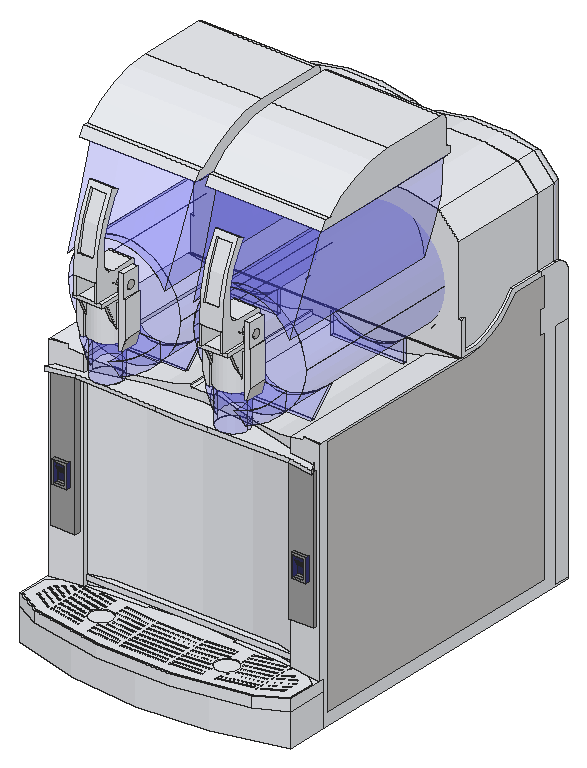
Revit family "QF_ELECTROLUXPROFESSIONAL_560022_NINA2", category Specialty Equipment, Revit 2018
Family settings
  Round Connector Dimension = Use Diameter
  Part Type = Normal
  Work Plane-Based = No
  Always vertical = Yes
  Cut with Voids When Loaded = No
  Shared = No
  Room Calculation Point = No
Parameters (values of type "QF_ELECTROLUX_560022_NINA2.rfa")
  Weight = 26.00 kg
  Watts = 0 W
  Volts = 230 V
  URL Manufacturer = "http://professional.electrolux.com"
  URL = "http://professional.electrolux.com"
  Steam Supply Size = 0 mm
  Steam Supply Minimum Pressure = 0.0 Pa
  Steam Supply Maximum Pressure = 0.0 Pa
  Steam Pounds per Hour = 0
  Refrigeration Suction Line Size = 0 mm
  Refrigeration Liquid Line Size = 0 mm
  Refrigerant Compressor Remote = yes
  Manufacturer = "Electrolux"
  Phase = 1
  Model = "NINA2"
  Length Actual = 281.0 mm  # constant formula
  Item Number = "560022"
  Hot Water Size = 0 mm
  Height Actual = 498.0 mm  # constant formula
  HP = "0.7 HP"
  Gas Size = 0 mm
  Gas KW = 0
  Gas Input Pressure = 0 W
  Direct Waste Size = 0 mm
  Description = "2X2 LT BOWL - FROZEN CREAM DISPENSER - 2 NON INSULATED BOWLS - WHITE"
  Depth Actual = 391.0 mm  # constant formula
  Cycle = 50 Hz
  Condensate Return Size = 0 mm
  Compressed Air Volume = 0.0 L/s
  Compressed Air Size = 0 mm
  Compressed Air Pressure = 0.0 Pa
  Cold Water Size = 0 mm
  Accessory = yes
Reference planes
  plane 1 "Center (Front/Back)": y = 0
  plane 2 "BASE": z = 0
  plane 3 "Center (Left/Right)": x = 0
  plane 4 "FEET": z = 10
  plane 5 "FRONT": y = -175
  plane 6 "BACK": y = 212.5
  plane 7 "LEFT": x = -140
  plane 8 "RIGHT": x = 140
  plane 9: y = 152.5
  plane 10: y = -118.5
  plane 11: y = -77.5
  plane 12: z = 498
Forms (mm)
  Extrusion 1, solid, material "QF_Finishes_White"
    sketch origin (0, 0, 10) x (-1, 0, 0) y (0, -1, 0)
      loop
        line (140, -212.5) -> (140, 111) -> (-140, 111) -> (-140, -212.5) -> (140, -212.5)
    from 0 to 2
  Extrusion 2, solid, material "QF_Finishes_White"
    sketch origin (0, -5, 10) x (-1, 0, 0) y (0, -1, 0)
      loop
        line (140, 103.5) -> (106.954, 98.856) -> (106.954, 95.826)
        arc (106.954, 95.826) -> (0, 77.869) -> (-106.954, 95.826) r 327.496
        line (-106.954, 95.826) -> (-106.954, 98.856) -> (-140, 103.5) -> (-140, -201.772) -> (140, -201.772) -> (140, 103.5)
    from 265 to 0
  Extrusion 3, solid, material "QF_Finishes_Rubber Black"
    sketch origin (0, 0, 0) x (1, 0, 0) y (0, 1, 0)
      loop
        circle (-120, -77.5) r 6
    from 0 to 6
  Extrusion 4, solid, material "QF_Finishes_Rubber Black"
    sketch origin (0, 0, 0) x (1, 0, 0) y (0, 1, 0)
      loop
        circle (-120, -77.5) r 8
    from 6 to 10
  Extrusion 5, solid, material "QF_Finishes_Rubber Black"
    sketch origin (120, 0, 0) x (1, 0, 0) y (0, 1, 0)
      loop
        circle (0, -77.5) r 6
    from 0 to 6
  Extrusion 6, solid, material "QF_Finishes_Rubber Black"
    sketch origin (120, 0, 0) x (1, 0, 0) y (0, 1, 0)
      loop
        circle (0, -77.5) r 8
    from 6 to 10
  Extrusion 7, solid, material "QF_Finishes_Rubber Black"
    sketch origin (0, 210, 0) x (1, 0, 0) y (0, 1, 0)
      loop
        circle (-120, -57.5) r 6
    from 0 to 6
  Extrusion 8, solid, material "QF_Finishes_Rubber Black"
    sketch origin (0, 210, 0) x (1, 0, 0) y (0, 1, 0)
      loop
        circle (-120, -57.5) r 8
    from 6 to 10
  Extrusion 9, solid, material "QF_Finishes_Rubber Black"
    sketch origin (120, 210, 0) x (1, 0, 0) y (0, 1, 0)
      loop
        circle (0, -57.5) r 6
    from 0 to 6
  Extrusion 10, solid, material "QF_Finishes_Rubber Black"
    sketch origin (120, 210, 0) x (1, 0, 0) y (0, 1, 0)
      loop
        circle (0, -57.5) r 8
    from 6 to 10
  Extrusion 11, void
    sketch origin (0, -175, 0) x (-1, 0, 0) y (0, 0, 1)
      loop
        line (-106.954, 269.173) -> (-106.954, 266.696)
        arc (-106.954, 266.696) -> (-60, 258.966) -> (-13.046, 266.696) r 146.469
        line (-13.046, 266.696) -> (-13.046, 265.525)
        arc (-13.046, 265.525) -> (-12.46, 264.111) -> (-11.046, 263.525) r 2
        line (-11.046, 263.525) -> (11.046, 263.525)
        arc (11.046, 263.525) -> (12.46, 264.111) -> (13.046, 265.525) r 2
        line (13.046, 265.525) -> (13.046, 266.696)
        arc (13.046, 266.696) -> (60, 258.966) -> (106.954, 266.696) r 146.469
        line (106.954, 266.696) -> (106.954, 269.173) -> (140, 275) -> (140, 295) -> (-140, 295) -> (-140, 275) -> (-106.954, 269.173)
    from 69 to 247.582
  Extrusion 12, solid, material "QF_Finishes_White"
    sketch origin (0, 212.5, 0) x (-1, 0, 0) y (0, 0, 1)
      loop
        line (-140, 251.153) -> (140, 251.153) -> (140, 309.757) -> (137, 309.757) -> (137, 381.299) -> (116.549, 404.013)
        arc (116.549, 404.013) -> (65, 410.949) -> (13.451, 404.013) r 195.011
        line (13.451, 404.013) -> (0, 398.849) -> (-13.451, 404.013)
        arc (-13.451, 404.013) -> (-65, 410.949) -> (-116.549, 404.013) r 195.011
        line (-116.549, 404.013) -> (-137, 381.299) -> (-137, 309.747) -> (-140, 309.747) -> (-140, 251.153)
    from 0 to -35
  Sweep 13, void
    path origin (0, 212.5, 0) x (-1, 0, 0) y (0, 0, 1)
      loop
        line (140, 309.757) -> (137, 309.757) -> (137, 381.299) -> (116.549, 404.013)
        arc (116.549, 404.013) -> (65, 410.949) -> (13.451, 404.013) r 195.011
        line (13.451, 404.013) -> (0, 398.849) -> (-13.451, 404.013)
        arc (-13.451, 404.013) -> (-65, 410.949) -> (-116.549, 404.013) r 195.011
        line (-116.549, 404.013) -> (-137, 381.299) -> (-137, 309.747) -> (-140, 309.747)
    profile origin (126.774, 212.5, 392.656) x (-0.743145, 0, -0.669131) y (0, 1, 0)
      loop
        line (0, 0) -> (0, -14)
        arc (0, -14) -> (4.101, -4.101) -> (14, 0) r 14
        line (14, 0) -> (0, 0)
  Extrusion 14, void
    sketch origin (0, 212.5, 0) x (-1, 0, 0) y (0, 0, 1)
      loop
        line (16.817, 275.021) -> (113.183, 275.021) -> (113.183, 365.145)
        arc (113.183, 365.145) -> (65, 375.392) -> (16.817, 365.145) r 118.404
        line (16.817, 365.145) -> (16.817, 275.021)
      loop
        line (-16.817, 275.021) -> (-16.817, 365.145)
        arc (-16.817, 365.145) -> (-65, 375.392) -> (-113.183, 365.145) r 118.404
        line (-113.183, 365.145) -> (-113.183, 275.021) -> (-16.817, 275.021)
    from 0 to -5
  Extrusion 15, solid, material "QF_Finishes_White"
    sketch origin (0, 212.5, 0) x (-1, 0, 0) y (0, 0, 1)
      loop
        line (-140, 251.153) -> (-140, 12) -> (-56.141, 12) -> (-56.141, 40.419) -> (56.141, 40.419) -> (56.141, 12) -> (140, 12) -> (140, 251.153) -> (-140, 251.153)
    from 0 to -15.728
  Extrusion 16, solid, material "QF_Finishes_White"
    sketch origin (0, 0, 23) x (0, 1, 0) y (0, 0, 1)
      loop
        line (182.5, 250) -> (182.5, 281.747) -> (144.485, 281.747)
        arc (144.485, 281.747) -> (116.312, 257.654) -> (80.04, 250) r 74.988
        line (80.04, 250) -> (182.5, 250)
    from -80 to -75
  Extrusion 17, void
    sketch origin (140, 0, 0) x (0, -1, 0) y (0, 0, 1)
      loop
        line (-144.485, 304.747) -> (-182.5, 304.747) -> (-182.5, 274.585) -> (-98.821, 274.585)
        arc (-98.821, 274.585) -> (-124.503, 285.352) -> (-144.485, 304.747) r 74.988
    from 2 to 0
  Extrusion 18, void
    sketch origin (80, 0, 25) x (0, 1, 0) y (0, 0, -1)
      loop
        line (182.5, -250) -> (182.5, -245) -> (80.082, -245) -> (80.082, -248) -> (86.308, -248)
        arc (86.308, -248) -> (93.529, -248.653) -> (100.653, -250) r 74.988
        line (100.653, -250) -> (182.5, -250)
    from 0 to 2
  Extrusion 19, solid, material "QF_Finishes_Stainless Steel"
    sketch origin (140, 0, 0) x (0, -1, 0) y (0, 0, 1)
      loop
        line (-182.5, 22) -> (98.5, 22) -> (98.5, 273) -> (-86.308, 273)
        arc (-86.308, 273) -> (-93.529, 273.653) -> (-100.653, 275) r 74.988
        arc (-100.653, 275) -> (-125.283, 285.874) -> (-144.485, 304.747) r 74.988
        line (-144.485, 304.747) -> (-182.5, 304.747) -> (-182.5, 22)
    from 0 to 2
  Extrusion 20, solid, material "QF_Finishes_White"
    sketch origin (0, 212.5, 0) x (-1, 0, 0) y (0, 0, 1)
      loop
        line (13.451, 404.013) -> (0, 389.073) -> (-13.451, 404.013)
        arc (-13.451, 404.013) -> (-65, 410.949) -> (-116.549, 404.013) r 195.011
        line (-116.549, 404.013) -> (-137, 381.299) -> (-137, 309.747) -> (-140, 309.747) -> (-140, 275) -> (140, 275) -> (140, 309.757) -> (137, 309.757) -> (137, 381.299) -> (116.549, 404.013)
        arc (116.549, 404.013) -> (65, 410.949) -> (13.451, 404.013) r 195.011
    from -137.418 to -35
  Extrusion 21, solid, material "QF_Plastic-Black-Matte"
    sketch origin (-140, -10.476, 25) x (0, 1, 0) y (0, 0, 1)
      loop
        line (-98.024, 125.394) -> (-98.024, 139.994)
        arc (-98.024, 139.994) -> (-101.113, 140.604) -> (-103.877, 139.098) r 4.629
        line (-103.877, 139.098) -> (-100.57, 133.042) -> (-100.57, 125.394) -> (-98.024, 125.394)
    from 12.243 to 20.243
  Extrusion 22, solid, material "QF_Finishes_White"
    sketch origin (0, 0, 0) x (1, 0, 0) y (0, 1, 0)
      loop
        line (-140, -103.5) -> (-140, -145.5)
        arc (-140, -145.5) -> (0, -170.312) -> (140, -145.5) r 407.377
        line (140, -145.5) -> (140, -103.5) -> (106.954, -98.856) -> (106.954, -95.826)
        arc (106.954, -95.826) -> (0, -77.869) -> (-106.954, -95.826) r 327.496
        line (-106.954, -95.826) -> (-106.954, -98.856) -> (-140, -103.5)
    from 44.115 to 10
  Extrusion 23, solid, material "QF_Finishes_White"
    sketch origin (0, -175, 0) x (-1, 0, 0) y (0, 0, 1)
      loop
        line (106.954, 65.505) -> (-106.954, 65.505) -> (-106.954, 60.037) -> (106.954, 60.037) -> (106.954, 65.505)
    from 73.644 to 80.22
  Extrusion 24, void
    sketch origin (0, 0, 0) x (1, 0, 0) y (0, 1, 0)
      loop
        line (-138, -105.239) -> (-138, -137.462) -> (-109.325, -153.356)
        arc (-109.325, -153.356) -> (0, -167) -> (109.325, -153.356) r 444.831
        line (109.325, -153.356) -> (138, -137.462) -> (138, -105.239) -> (104.954, -100.594) -> (104.954, -97.548)
        arc (104.954, -97.548) -> (0, -80.148) -> (-104.954, -97.548) r 325.218
        line (-104.954, -97.548) -> (-104.954, -100.594) -> (-138, -105.239)
    from 55.5 to 23.889
  Extrusion 25, solid, material "QF_Finishes_White"
    sketch origin (0, 0, 0) x (1, 0, 0) y (0, 1, 0)
      loop
        line (-44.954, -100.084) -> (-123.341, -104.427) -> (-138, -116.081) -> (-138, -144.322) -> (-111.556, -158.98)
        arc (-111.556, -158.98) -> (0, -173) -> (111.556, -158.98) r 450.831
        line (111.556, -158.98) -> (138, -144.322) -> (138, -116.081) -> (123.341, -104.427) -> (44.954, -100.594) -> (44.954, -97.548)
        arc (44.954, -97.548) -> (0, -94.283) -> (-44.954, -97.548) r 311.082
        line (-44.954, -97.548) -> (-44.954, -100.084)
      loop
        circle (-65, -134.447) r 11.53
      loop
        arc (-104.707, -150.384) -> (-88.083, -154.11) -> (-71.328, -157.191) r 440.831
        line (-71.328, -157.191) -> (-71.328, -155.164)
        arc (-71.328, -155.164) -> (-88.084, -152.069) -> (-104.707, -148.325) r 438.831
        line (-104.707, -148.325) -> (-104.707, -150.384)
      loop
        line (-104.707, -105.973) -> (-104.707, -108.046)
        arc (-104.707, -108.046) -> (-88.098, -112.174) -> (-71.328, -115.586) r 399.831
        line (-71.328, -115.586) -> (-71.328, -113.554)
        arc (-71.328, -113.554) -> (-88.099, -110.123) -> (-104.707, -105.973) r 397.831
      loop
        arc (-104.707, -145.235) -> (-88.085, -149.006) -> (-71.328, -152.124) r 435.831
        line (-71.328, -152.124) -> (-71.328, -150.096)
        arc (-71.328, -150.096) -> (-88.086, -146.963) -> (-104.707, -143.175) r 433.831
        line (-104.707, -143.175) -> (-104.707, -145.235)
      loop
        arc (-104.707, -139.052) -> (-89.496, -142.58) -> (-74.168, -145.553) r 429.831
        line (-74.168, -145.553) -> (-74.168, -143.522)
        arc (-74.168, -143.522) -> (-89.497, -140.534) -> (-104.707, -136.989) r 427.831
        line (-104.707, -136.989) -> (-104.707, -139.052)
      loop
        arc (-104.707, -132.862) -> (-91.331, -136.043) -> (-77.858, -138.787) r 423.831
        line (-77.858, -138.787) -> (-77.858, -136.753)
        arc (-77.858, -136.753) -> (-91.331, -133.994) -> (-104.707, -130.798) r 421.831
        line (-104.707, -130.798) -> (-104.707, -132.862)
      loop
        arc (-104.707, -126.668) -> (-91.332, -129.896) -> (-77.858, -132.682) r 417.831
        line (-77.858, -132.682) -> (-77.858, -130.646)
        arc (-77.858, -130.646) -> (-91.333, -127.846) -> (-104.707, -124.601) r 415.831
        line (-104.707, -124.601) -> (-104.707, -126.668)
      loop
        arc (-104.707, -120.467) -> (-90.026, -124.04) -> (-75.223, -127.072) r 411.831
        line (-75.223, -127.072) -> (-75.223, -125.037)
        arc (-75.223, -125.037) -> (-90.027, -121.99) -> (-104.707, -118.399) r 409.831
        line (-104.707, -118.399) -> (-104.707, -120.467)
      loop
        arc (-104.707, -114.26) -> (-88.096, -118.323) -> (-71.328, -121.683) r 405.831
        line (-71.328, -121.683) -> (-71.328, -119.651)
        arc (-71.328, -119.651) -> (-88.097, -116.274) -> (-104.707, -112.189) r 403.831
        line (-104.707, -112.189) -> (-104.707, -114.26)
      loop
        arc (-88.807, -105.857) -> (-80.088, -107.771) -> (-71.328, -109.487) r 393.831
        line (-71.328, -109.487) -> (-71.328, -107.453)
        arc (-71.328, -107.453) -> (-80.088, -105.728) -> (-88.807, -103.804) r 391.831
        line (-88.807, -103.804) -> (-88.807, -105.857)
      loop
        line (-58.672, -109.582) -> (-58.672, -111.605)
        arc (-58.672, -111.605) -> (-42.843, -113.663) -> (-26.943, -115.077) r 393.831
        line (-26.943, -115.077) -> (-26.943, -113.073)
        arc (-26.943, -113.073) -> (-42.843, -111.651) -> (-58.672, -109.582) r 391.831
      loop
        line (-58.672, -157.06) -> (-58.672, -159.078)
        arc (-58.672, -159.078) -> (-42.835, -160.914) -> (-26.943, -162.176) r 440.831
        line (-26.943, -162.176) -> (-26.943, -160.172)
        arc (-26.943, -160.172) -> (-42.836, -158.904) -> (-58.672, -157.06) r 438.831
      loop
        arc (-58.672, -154.033) -> (-42.836, -155.89) -> (-26.943, -157.166) r 435.831
        line (-26.943, -157.166) -> (-26.943, -155.163)
        arc (-26.943, -155.163) -> (-42.836, -153.88) -> (-58.672, -152.014) r 433.831
        line (-58.672, -152.014) -> (-58.672, -154.033)
      loop
        arc (-58.672, -147.977) -> (-42.837, -149.86) -> (-26.943, -151.155) r 429.831
        line (-26.943, -151.155) -> (-26.943, -149.151)
        arc (-26.943, -149.151) -> (-42.837, -147.85) -> (-58.672, -145.958) r 427.831
        line (-58.672, -145.958) -> (-58.672, -147.977)
      loop
        arc (-53, -142.673) -> (-39.99, -144.109) -> (-26.943, -145.143) r 423.831
        line (-26.943, -145.143) -> (-26.943, -143.139)
        arc (-26.943, -143.139) -> (-39.991, -142.1) -> (-53, -140.657) r 421.831
        line (-53, -140.657) -> (-53, -142.673)
      loop
        arc (-51.012, -136.874) -> (-38.993, -138.177) -> (-26.943, -139.13) r 417.831
        line (-26.943, -139.13) -> (-26.943, -137.126)
        arc (-26.943, -137.126) -> (-38.994, -136.168) -> (-51.012, -134.859) r 415.831
        line (-51.012, -134.859) -> (-51.012, -136.874)
      loop
        arc (-51.012, -130.829) -> (-38.994, -132.15) -> (-26.943, -133.118) r 411.831
        line (-26.943, -133.118) -> (-26.943, -131.113)
        arc (-26.943, -131.113) -> (-38.994, -130.141) -> (-51.012, -128.813) r 409.831
        line (-51.012, -128.813) -> (-51.012, -130.829)
      loop
        arc (-58.672, -123.736) -> (-42.841, -125.732) -> (-26.943, -127.105) r 405.831
        line (-26.943, -127.105) -> (-26.943, -125.1)
        arc (-26.943, -125.1) -> (-42.841, -123.721) -> (-58.672, -121.715) r 403.831
        line (-58.672, -121.715) -> (-58.672, -123.736)
      loop
        arc (-58.672, -117.672) -> (-42.842, -119.698) -> (-26.943, -121.091) r 399.831
        line (-26.943, -121.091) -> (-26.943, -119.087)
        arc (-26.943, -119.087) -> (-42.842, -117.686) -> (-58.672, -115.65) r 397.831
        line (-58.672, -115.65) -> (-58.672, -117.672)
      loop
        arc (23.123, -113.317) -> (0, -114) -> (-23.123, -113.317) r 391.831
        line (-23.123, -113.317) -> (-23.123, -115.321)
        arc (-23.123, -115.321) -> (0, -116) -> (23.123, -115.321) r 393.831
        line (23.123, -115.321) -> (23.123, -113.317)
      loop
        arc (23.123, -119.327) -> (0, -120) -> (-23.123, -119.327) r 397.831
        line (-23.123, -119.327) -> (-23.123, -121.331)
        arc (-23.123, -121.331) -> (0, -122) -> (23.123, -121.331) r 399.831
        line (23.123, -121.331) -> (23.123, -119.327)
      loop
        arc (23.123, -125.337) -> (0, -126) -> (-23.123, -125.337) r 403.831
        line (-23.123, -125.337) -> (-23.123, -127.341)
        arc (-23.123, -127.341) -> (0, -128) -> (23.123, -127.341) r 405.831
        line (23.123, -127.341) -> (23.123, -125.337)
      loop
        arc (23.123, -131.347) -> (0, -132) -> (-23.123, -131.347) r 409.831
        line (-23.123, -131.347) -> (-23.123, -133.35)
        arc (-23.123, -133.35) -> (0, -134) -> (23.123, -133.35) r 411.831
        line (23.123, -133.35) -> (23.123, -131.347)
      loop
        arc (23.123, -137.357) -> (0, -138) -> (-23.123, -137.357) r 415.831
        line (-23.123, -137.357) -> (-23.123, -139.36)
        arc (-23.123, -139.36) -> (0, -140) -> (23.123, -139.36) r 417.831
        line (23.123, -139.36) -> (23.123, -137.357)
      loop
        arc (23.123, -143.366) -> (0, -144) -> (-23.123, -143.366) r 421.831
        line (-23.123, -143.366) -> (-23.123, -145.369)
        arc (-23.123, -145.369) -> (0, -146) -> (23.123, -145.369) r 423.831
        line (23.123, -145.369) -> (23.123, -143.366)
      loop
        arc (23.123, -149.375) -> (0, -150) -> (-23.123, -149.375) r 427.831
        line (-23.123, -149.375) -> (-23.123, -151.378)
        arc (-23.123, -151.378) -> (0, -152) -> (23.123, -151.378) r 429.831
        line (23.123, -151.378) -> (23.123, -149.375)
      loop
        arc (23.123, -155.383) -> (0, -156) -> (-23.123, -155.383) r 433.831
        line (-23.123, -155.383) -> (-23.123, -157.386)
        arc (-23.123, -157.386) -> (0, -158) -> (23.123, -157.386) r 435.831
        line (23.123, -157.386) -> (23.123, -155.383)
      loop
        arc (23.123, -160.39) -> (0, -161) -> (-23.123, -160.39) r 438.831
        line (-23.123, -160.39) -> (-23.123, -162.393)
        arc (-23.123, -162.393) -> (0, -163) -> (23.123, -162.393) r 440.831
        line (23.123, -162.393) -> (23.123, -160.39)
      loop
        line (-128, -138.431) -> (-107.36, -149.872) -> (-107.36, -147.586) -> (-128, -136.145) -> (-128, -138.431)
      loop
        line (-128, -131.571) -> (-107.36, -143.012) -> (-107.36, -140.725) -> (-128, -129.285) -> (-128, -131.571)
      loop
        line (-128, -124.711) -> (-107.36, -136.152) -> (-107.36, -133.865) -> (-128, -122.425) -> (-128, -124.711)
      loop
        line (-125.736, -119.106) -> (-107.36, -129.292) -> (-107.36, -127.005) -> (-124.042, -117.759) -> (-125.736, -119.106)
      loop
        line (-120.652, -115.064) -> (-107.36, -122.432) -> (-107.36, -120.145) -> (-118.958, -113.717) -> (-120.652, -115.064)
      loop
        line (-115.568, -111.022) -> (-107.36, -115.572) -> (-107.36, -113.285) -> (-113.873, -109.675) -> (-115.568, -111.022)
      loop
        line (-110.484, -106.98) -> (-107.36, -108.712) -> (-107.36, -106.425) -> (-108.789, -105.633) -> (-110.484, -106.98)
      loop
        circle (65, -134.447) r 11.53
      loop
        line (104.707, -150.384) -> (104.707, -148.325)
        arc (104.707, -148.325) -> (88.084, -152.069) -> (71.328, -155.164) r 438.831
        line (71.328, -155.164) -> (71.328, -157.191)
        arc (71.328, -157.191) -> (88.083, -154.11) -> (104.707, -150.384) r 440.831
      loop
        arc (104.707, -105.973) -> (88.099, -110.123) -> (71.328, -113.554) r 397.831
        line (71.328, -113.554) -> (71.328, -115.586)
        arc (71.328, -115.586) -> (88.098, -112.174) -> (104.707, -108.046) r 399.831
        line (104.707, -108.046) -> (104.707, -105.973)
      loop
        line (104.707, -145.235) -> (104.707, -143.175)
        arc (104.707, -143.175) -> (88.086, -146.963) -> (71.328, -150.096) r 433.831
        line (71.328, -150.096) -> (71.328, -152.124)
        arc (71.328, -152.124) -> (88.085, -149.006) -> (104.707, -145.235) r 435.831
      loop
        line (104.707, -139.052) -> (104.707, -136.989)
        arc (104.707, -136.989) -> (89.497, -140.534) -> (74.168, -143.522) r 427.831
        line (74.168, -143.522) -> (74.168, -145.553)
        arc (74.168, -145.553) -> (89.496, -142.58) -> (104.707, -139.052) r 429.831
      loop
        line (104.707, -132.862) -> (104.707, -130.798)
        arc (104.707, -130.798) -> (91.331, -133.994) -> (77.858, -136.753) r 421.831
        line (77.858, -136.753) -> (77.858, -138.787)
        arc (77.858, -138.787) -> (91.331, -136.043) -> (104.707, -132.862) r 423.831
      loop
        line (104.707, -126.668) -> (104.707, -124.601)
        arc (104.707, -124.601) -> (91.333, -127.846) -> (77.858, -130.646) r 415.831
        line (77.858, -130.646) -> (77.858, -132.682)
        arc (77.858, -132.682) -> (91.332, -129.896) -> (104.707, -126.668) r 417.831
      loop
        line (104.707, -120.467) -> (104.707, -118.399)
        arc (104.707, -118.399) -> (90.027, -121.99) -> (75.223, -125.037) r 409.831
        line (75.223, -125.037) -> (75.223, -127.072)
        arc (75.223, -127.072) -> (90.026, -124.04) -> (104.707, -120.467) r 411.831
      loop
        line (104.707, -114.26) -> (104.707, -112.189)
        arc (104.707, -112.189) -> (88.097, -116.274) -> (71.328, -119.651) r 403.831
        line (71.328, -119.651) -> (71.328, -121.683)
        arc (71.328, -121.683) -> (88.096, -118.323) -> (104.707, -114.26) r 405.831
      loop
        line (88.807, -105.857) -> (88.807, -103.804)
        arc (88.807, -103.804) -> (80.088, -105.728) -> (71.328, -107.453) r 391.831
        line (71.328, -107.453) -> (71.328, -109.487)
        arc (71.328, -109.487) -> (80.088, -107.771) -> (88.807, -105.857) r 393.831
      loop
        arc (58.672, -109.582) -> (42.843, -111.651) -> (26.943, -113.073) r 391.831
        line (26.943, -113.073) -> (26.943, -115.077)
        arc (26.943, -115.077) -> (42.843, -113.663) -> (58.672, -111.605) r 393.831
        line (58.672, -111.605) -> (58.672, -109.582)
      loop
        arc (58.672, -157.06) -> (42.836, -158.904) -> (26.943, -160.172) r 438.831
        line (26.943, -160.172) -> (26.943, -162.176)
        arc (26.943, -162.176) -> (42.835, -160.914) -> (58.672, -159.078) r 440.831
        line (58.672, -159.078) -> (58.672, -157.06)
      loop
        line (58.672, -154.033) -> (58.672, -152.014)
        arc (58.672, -152.014) -> (42.836, -153.88) -> (26.943, -155.163) r 433.831
        line (26.943, -155.163) -> (26.943, -157.166)
        arc (26.943, -157.166) -> (42.836, -155.89) -> (58.672, -154.033) r 435.831
      loop
        line (58.672, -147.977) -> (58.672, -145.958)
        arc (58.672, -145.958) -> (42.837, -147.85) -> (26.943, -149.151) r 427.831
        line (26.943, -149.151) -> (26.943, -151.155)
        arc (26.943, -151.155) -> (42.837, -149.86) -> (58.672, -147.977) r 429.831
      loop
        line (53, -142.673) -> (53, -140.657)
        arc (53, -140.657) -> (39.991, -142.1) -> (26.943, -143.139) r 421.831
        line (26.943, -143.139) -> (26.943, -145.143)
        arc (26.943, -145.143) -> (39.99, -144.109) -> (53, -142.673) r 423.831
      loop
        line (51.012, -136.874) -> (51.012, -134.859)
        arc (51.012, -134.859) -> (38.994, -136.168) -> (26.943, -137.126) r 415.831
        line (26.943, -137.126) -> (26.943, -139.13)
        arc (26.943, -139.13) -> (38.993, -138.177) -> (51.012, -136.874) r 417.831
      loop
        line (51.012, -130.829) -> (51.012, -128.813)
        arc (51.012, -128.813) -> (38.994, -130.141) -> (26.943, -131.113) r 409.831
        line (26.943, -131.113) -> (26.943, -133.118)
        arc (26.943, -133.118) -> (38.994, -132.15) -> (51.012, -130.829) r 411.831
      loop
        line (58.672, -123.736) -> (58.672, -121.715)
        arc (58.672, -121.715) -> (42.841, -123.721) -> (26.943, -125.1) r 403.831
        line (26.943, -125.1) -> (26.943, -127.105)
        arc (26.943, -127.105) -> (42.841, -125.732) -> (58.672, -123.736) r 405.831
      loop
        line (58.672, -117.672) -> (58.672, -115.65)
        arc (58.672, -115.65) -> (42.842, -117.686) -> (26.943, -119.087) r 397.831
        line (26.943, -119.087) -> (26.943, -121.091)
        arc (26.943, -121.091) -> (42.842, -119.698) -> (58.672, -117.672) r 399.831
      loop
        line (128, -138.431) -> (128, -136.145) -> (107.36, -147.586) -> (107.36, -149.872) -> (128, -138.431)
      loop
        line (128, -131.571) -> (128, -129.285) -> (107.36, -140.725) -> (107.36, -143.012) -> (128, -131.571)
      loop
        line (128, -124.711) -> (128, -122.425) -> (107.36, -133.865) -> (107.36, -136.152) -> (128, -124.711)
      loop
        line (125.736, -119.106) -> (124.042, -117.759) -> (107.36, -127.005) -> (107.36, -129.292) -> (125.736, -119.106)
      loop
        line (120.652, -115.064) -> (118.958, -113.717) -> (107.36, -120.145) -> (107.36, -122.432) -> (120.652, -115.064)
      loop
        line (115.568, -111.022) -> (113.873, -109.675) -> (107.36, -113.285) -> (107.36, -115.572) -> (115.568, -111.022)
      loop
        line (110.484, -106.98) -> (108.789, -105.633) -> (107.36, -106.425) -> (107.36, -108.712) -> (110.484, -106.98)
    from 50.2 to 55.5
  Extrusion 26, void
    sketch origin (0, 0, 0) x (1, 0, 0) y (0, 1, 0)
      loop
        line (-110, 212.5) -> (-25.251, 187.751) -> (-25.251, 177.5) -> (25.251, 177.5) -> (25.251, 187.751) -> (110, 212.5) -> (-110, 212.5)
    from 10 to 44.899
  Extrusion 27, solid, material "QF_Finishes_Rubber Black"
    sketch origin (0, 212.5, 0) x (-1, 0, 0) y (0, 0, 1)
      loop
        circle (0, 25.877) r 10
    from -24.749 to -18.988
  Extrusion 28, solid, material "QF_Finishes_Gray"
    sketch origin (0, -175, 23.376) x (1, 0, 0) y (0, 0, -1)
      loop
        line (-110.904, -226.255) -> (-110.904, -81.255) -> (-135.904, -81.255) -> (-135.904, -226.255) -> (-110.904, -226.255)
    from 64 to 71.144
  Extrusion 29, solid, material "QF_Finishes_Dark Grey"
    sketch origin (0, -175, 25) x (1, 0, 0) y (0, 0, -1)
      loop
        line (-116.257, -145.034) -> (-116.257, -121.212) -> (-131.257, -121.212) -> (-131.257, -145.034) -> (-116.257, -145.034)
      loop
        line (-118.257, -143.034) -> (-118.257, -123.212) -> (-129.257, -123.212) -> (-129.257, -143.034) -> (-118.257, -143.034)
    from 60 to 68
  Extrusion 30, solid, material "QF_Plastic-Black-Matte"
    sketch origin (140, -10.476, 25) x (0, 1, 0) y (0, 0, -1)
      loop
        line (-98.024, -125.394) -> (-100.57, -125.394) -> (-100.57, -133.042) -> (-103.877, -139.098)
        arc (-103.877, -139.098) -> (-101.113, -140.604) -> (-98.024, -139.994) r 4.629
        line (-98.024, -139.994) -> (-98.024, -125.394)
    from 12.243 to 20.243
  Extrusion 31, solid, material "QF_Finishes_Gray"
    sketch origin (0, -175, 23.376) x (-1, 0, 0) y (0, 0, 1)
      loop
        line (-110.904, 226.255) -> (-135.904, 226.255) -> (-135.904, 81.255) -> (-110.904, 81.255) -> (-110.904, 226.255)
    from 64 to 71.144
  Extrusion 32, solid, material "QF_Finishes_Dark Grey"
    sketch origin (0, -175, 25) x (-1, 0, 0) y (0, 0, 1)
      loop
        line (-116.257, 145.034) -> (-131.257, 145.034) -> (-131.257, 121.212) -> (-116.257, 121.212) -> (-116.257, 145.034)
      loop
        line (-118.257, 143.034) -> (-129.257, 143.034) -> (-129.257, 123.212) -> (-118.257, 123.212) -> (-118.257, 143.034)
    from 60 to 68
  Extrusion 33, void
    sketch origin (140, 0, 0) x (0, -1, 0) y (0, 0, 1)
      loop
        line (-182.5, 22) -> (98.5, 22) -> (98.5, 273) -> (-86.308, 273)
        arc (-86.308, 273) -> (-93.529, 273.653) -> (-100.653, 275) r 74.988
        arc (-100.653, 275) -> (-127.713, 287.595) -> (-147.717, 309.747) r 74.988
        line (-147.717, 309.747) -> (-182.5, 309.747) -> (-182.5, 22)
    from 0 to 2
  Extrusion 34, void
    sketch origin (140, 0, 0) x (0, -1, 0) y (0, 0, 1)
      loop
        line (-80.082, 278.003) -> (-80.082, 313.557) -> (-144.144, 313.557)
        arc (-144.144, 313.557) -> (-117.137, 286.727) -> (-80.082, 278.003) r 69.988
    from 0 to 3
  Extrusion 35, void
    sketch origin (-140, 0, 0) x (0, -1, 0) y (0, 0, -1)
      loop
        line (-182.5, -22) -> (-182.5, -275) -> (-100.653, -275)
        arc (-100.653, -275) -> (-93.529, -273.653) -> (-86.308, -273) r 74.988
        line (-86.308, -273) -> (98.5, -273) -> (98.5, -22) -> (-182.5, -22)
    from 0 to 2
  Extrusion 36, void
    sketch origin (-140, 0, 0) x (0, -1, 0) y (0, 0, -1)
      loop
        arc (-80.082, -278.003) -> (-117.137, -286.727) -> (-144.144, -313.557) r 69.988
        line (-144.144, -313.557) -> (-80.082, -313.557) -> (-80.082, -278.003)
    from 0 to 3
  Extrusion 37, void
    sketch origin (-140, 0, 0) x (0, 1, 0) y (0, 0, 1)
      loop
        arc (144.485, 304.747) -> (125.283, 285.874) -> (100.653, 275) r 74.988
        line (100.653, 275) -> (182.5, 275) -> (182.5, 304.747) -> (144.485, 304.747)
    from 0 to 2
  Extrusion 38, solid, material "QF_Finishes_Stainless Steel"
    sketch origin (-140, 0, 0) x (0, 1, 0) y (0, 0, 1)
      loop
        line (182.5, 22) -> (182.5, 304.747) -> (144.485, 304.747)
        arc (144.485, 304.747) -> (119.094, 282.098) -> (86.308, 273) r 74.988
        line (86.308, 273) -> (-98.5, 273) -> (-98.5, 22) -> (182.5, 22)
    from 0 to 2
  Extrusion 39, solid, material "QF_Finishes_White"
    sketch origin (0, 0, 0) x (1, 0, 0) y (0, 1, 0)
      loop
        line (-110.904, -111) -> (-26.943, -113.073)
        arc (-26.943, -113.073) -> (0, -114.518) -> (26.943, -113.073) r 251.878
        line (26.943, -113.073) -> (110.904, -111) -> (138, -116.081) -> (129.918, -102.083) -> (106.954, -98.856) -> (106.954, -95.826)
        arc (106.954, -95.826) -> (0, -77.869) -> (-106.954, -95.826) r 327.496
        line (-106.954, -95.826) -> (-106.954, -98.856) -> (-129.918, -102.083) -> (-138, -116.081) -> (-110.904, -111)
    from 249.631 to 253.978
  Extrusion 40, solid, material "QF_Finishes_White"
    sketch origin (0, 0, 0) x (1, 0, 0) y (0, 1, 0)
      loop
        line (-140, -103.5) -> (-140, -145.5) -> (-112.301, -160.854)
        arc (-112.301, -160.854) -> (0, -175) -> (112.301, -160.854) r 452.831
        line (112.301, -160.854) -> (140, -145.5) -> (140, -103.5) -> (106.954, -98.856) -> (106.954, -95.826)
        arc (106.954, -95.826) -> (0, -77.869) -> (-106.954, -95.826) r 327.496
        line (-106.954, -95.826) -> (-106.954, -98.856) -> (-140, -103.5)
    from 55.5 to 44.115
  Extrusion 41, solid, material "QF_Clearances", detail levels coarse
    sketch origin (-130.708, 37.984, 0) x (1, 0, 0) y (0, 1, 0)
      loop
        line (-9.292, -212.984) -> (-9.292, 174.516) -> (270.708, 174.516) -> (270.708, -212.984) -> (420.708, -212.984) -> (420.708, 324.516) -> (-159.292, 324.516) -> (-159.292, -212.984) -> (-9.292, -212.984)
    from 0 to 498
Cuts and joins
  Extrusion 24, Extrusion 26, Extrusion 35, Extrusion 37 cuts Extrusion 1
  Extrusion 11, Extrusion 17, Extrusion 18, Extrusion 26, Extrusion 33, Extrusion 35, Extrusion 37 cuts Extrusion 2
  Sweep 13, Extrusion 14, Extrusion 17, Extrusion 18, Extrusion 26, Extrusion 35, Extrusion 37 cuts Extrusion 12
  Extrusion 17, Extrusion 18, Extrusion 26, Extrusion 35, Extrusion 37 cuts Extrusion 16
  joined: Extrusion 1, Extrusion 2, Extrusion 12, Extrusion 16
  Extrusion 24 cuts Extrusion 22
  Extrusion 17, Extrusion 34, Extrusion 35, Extrusion 36, Extrusion 37 cuts Extrusion 20
  Extrusion 26 cuts Extrusion 15
  Extrusion 35 cuts Extrusion 19
Lines and regions (mm)
  Split face 1
    outline origin (0, -111, 23.376) x (1, 0, 0) y (0, 0, 1)
      loop
        line (-122.947, 214.275) -> (-125.479, 214.275) -> (-125.479, 210.296) -> (-129.457, 210.296) -> (-129.457, 207.765) -> (-125.479, 207.765) -> (-125.479, 203.787) -> (-122.947, 203.787) -> (-122.947, 207.765) -> (-118.969, 207.765) -> (-118.969, 210.296) -> (-122.947, 210.296) -> (-122.947, 214.275)
  Split face 2
    outline origin (0, -111, 23.376) x (1, 0, 0) y (0, 0, 1)
      loop
        line (-118.969, 114.095) -> (-129.457, 114.095) -> (-129.457, 111.563) -> (-118.969, 111.563) -> (-118.969, 114.095)
  Split face 3
    outline origin (0, -111, 23.376) x (1, 0, 0) y (0, 0, 1)
      loop
        line (-121.32, 199.266) -> (-127.287, 199.266) -> (-127.287, 196.825) -> (-121.32, 196.825) -> (-121.32, 199.266)
  Split face 4
    outline origin (0, -111, 19.85) x (1, 0, 0) y (0, 0, 1)
      loop
        line (-121.32, 199.266) -> (-127.287, 199.266) -> (-127.287, 196.825) -> (-121.32, 196.825) -> (-121.32, 199.266)
  Split face 5
    outline origin (0, -111, 16.414) x (1, 0, 0) y (0, 0, 1)
      loop
        line (-121.32, 199.266) -> (-127.287, 199.266) -> (-127.287, 196.825) -> (-121.32, 196.825) -> (-121.32, 199.266)
  Split face 6
    outline origin (0, -111, 12.888) x (1, 0, 0) y (0, 0, 1)
      loop
        line (-121.32, 199.266) -> (-127.287, 199.266) -> (-127.287, 196.825) -> (-121.32, 196.825) -> (-121.32, 199.266)
  Split face 7
    outline origin (0, -111, 9.376) x (1, 0, 0) y (0, 0, 1)
      loop
        line (-121.32, 199.266) -> (-127.287, 199.266) -> (-127.287, 196.825) -> (-121.32, 196.825) -> (-121.32, 199.266)
  Split face 8
    outline origin (0, -111, 5.85) x (1, 0, 0) y (0, 0, 1)
      loop
        line (-121.32, 199.266) -> (-127.287, 199.266) -> (-127.287, 196.825) -> (-121.32, 196.825) -> (-121.32, 199.266)
  Split face 9
    outline origin (0, -111, 2.414) x (1, 0, 0) y (0, 0, 1)
      loop
        line (-121.32, 199.266) -> (-127.287, 199.266) -> (-127.287, 196.825) -> (-121.32, 196.825) -> (-121.32, 199.266)
  Split face 10
    outline origin (0, -111, -1.112) x (1, 0, 0) y (0, 0, 1)
      loop
        line (-121.32, 199.266) -> (-127.287, 199.266) -> (-127.287, 196.825) -> (-121.32, 196.825) -> (-121.32, 199.266)
  Split face 11
    outline origin (0, -111, 23.376) x (-1, 0, 0) y (0, 0, 1)
      loop
        line (-122.947, 214.275) -> (-125.479, 214.275) -> (-125.479, 210.296) -> (-129.457, 210.296) -> (-129.457, 207.765) -> (-125.479, 207.765) -> (-125.479, 203.787) -> (-122.947, 203.787) -> (-122.947, 207.765) -> (-118.969, 207.765) -> (-118.969, 210.296) -> (-122.947, 210.296) -> (-122.947, 214.275)
  Split face 12
    outline origin (0, -111, 23.376) x (-1, 0, 0) y (0, 0, 1)
      loop
        line (-118.969, 114.095) -> (-129.457, 114.095) -> (-129.457, 111.563) -> (-118.969, 111.563) -> (-118.969, 114.095)
  Split face 13
    outline origin (0, -111, 23.376) x (-1, 0, 0) y (0, 0, 1)
      loop
        line (-121.32, 199.266) -> (-127.287, 199.266) -> (-127.287, 196.825) -> (-121.32, 196.825) -> (-121.32, 199.266)
  Split face 14
    outline origin (0, -111, 19.85) x (-1, 0, 0) y (0, 0, 1)
      loop
        line (-121.32, 199.266) -> (-127.287, 199.266) -> (-127.287, 196.825) -> (-121.32, 196.825) -> (-121.32, 199.266)
  Split face 15
    outline origin (0, -111, 16.414) x (-1, 0, 0) y (0, 0, 1)
      loop
        line (-121.32, 199.266) -> (-127.287, 199.266) -> (-127.287, 196.825) -> (-121.32, 196.825) -> (-121.32, 199.266)
  Split face 16
    outline origin (0, -111, 12.888) x (-1, 0, 0) y (0, 0, 1)
      loop
        line (-121.32, 199.266) -> (-127.287, 199.266) -> (-127.287, 196.825) -> (-121.32, 196.825) -> (-121.32, 199.266)
  Split face 17
    outline origin (0, -111, 9.376) x (-1, 0, 0) y (0, 0, 1)
      loop
        line (-121.32, 199.266) -> (-127.287, 199.266) -> (-127.287, 196.825) -> (-121.32, 196.825) -> (-121.32, 199.266)
  Split face 18
    outline origin (0, -111, 5.85) x (-1, 0, 0) y (0, 0, 1)
      loop
        line (-121.32, 199.266) -> (-127.287, 199.266) -> (-127.287, 196.825) -> (-121.32, 196.825) -> (-121.32, 199.266)
  Split face 19
    outline origin (0, -111, 2.414) x (-1, 0, 0) y (0, 0, 1)
      loop
        line (-121.32, 199.266) -> (-127.287, 199.266) -> (-127.287, 196.825) -> (-121.32, 196.825) -> (-121.32, 199.266)
  Split face 20
    outline origin (0, -111, -1.112) x (-1, 0, 0) y (0, 0, 1)
      loop
        line (-121.32, 199.266) -> (-127.287, 199.266) -> (-127.287, 196.825) -> (-121.32, 196.825) -> (-121.32, 199.266)
  symbolic lines
    curve 1: line (-140, 212.5, 0) -> (-140, -145.5, 0)
    curve 2: line (140, -145.5, 0) -> (140, 212.5, 0)
    curve 3: line (140, 212.5, 0) -> (-140, 212.5, 0)
    curve 4: spline (-108.946, 212.467, 0) -> (-109.891, 212.395, 0) -> (-110.822, 212.094, 0) -> (-111.727, 211.569, 0) -> (-112.589, 210.83, 0) -> (-113.395, 209.886, 0) -> (-114.133, 208.754, 0) -> (-114.789, 207.452, 0) -> (-115.355, 206.001, 0) -> (-115.82, 204.424, 0) -> (-116.178, 202.746, 0) -> (-116.422, 200.995, 0) -> (-116.549, 199.198, 0)
    curve 5: arc (-123, 212.5, 0) -> (-132.899, 208.399, 0) -> (-137, 198.5, 0) r 14
    curve 6: spline (-13.451, 198.523, 0) -> (-13.498, 200.349, 0) -> (-13.617, 202.144, 0) -> (-13.806, 203.876, 0) -> (-14.063, 205.516, 0) -> (-14.382, 207.036, 0) -> (-14.759, 208.411, 0) -> (-15.186, 209.616, 0) -> (-15.657, 210.631, 0) -> (-16.164, 211.439, 0) -> (-16.698, 212.026, 0) -> (-17.249, 212.381, 0) -> (-17.809, 212.5, 0)
    curve 7: spline (17.809, 212.499, 0) -> (17.244, 212.382, 0) -> (16.689, 212.031, 0) -> (16.153, 211.452, 0) -> (15.645, 210.653, 0) -> (15.173, 209.65, 0) -> (14.746, 208.459, 0) -> (14.37, 207.099, 0) -> (14.052, 205.594, 0) -> (13.798, 203.97, 0) -> (13.611, 202.253, 0) -> (13.495, 200.472, 0) -> (13.451, 198.658, 0)
    curve 8: spline (116.549, 198.668, 0) -> (116.412, 200.516, 0) -> (116.158, 202.324, 0) -> (115.791, 204.063, 0) -> (115.317, 205.703, 0) -> (114.745, 207.216, 0) -> (114.083, 208.576, 0) -> (113.344, 209.762, 0) -> (112.539, 210.753, 0) -> (111.682, 211.532, 0) -> (110.787, 212.086, 0) -> (109.87, 212.406, 0) -> (108.946, 212.487, 0)
    curve 9: arc (123, 212.5, 0) -> (132.899, 208.399, 0) -> (137, 198.5, 0) r 14
    curve 10: line (137, -108.078, 0) -> (137, 198.5, 0)
    curve 11: line (-116.549, 90.474, 0) -> (-116.549, 199.198, 0)
    curve 12: line (-13.451, 90.474, 0) -> (-13.451, 198.523, 0)
    curve 13: line (13.451, 90.474, 0) -> (13.451, 198.658, 0)
    curve 14: line (116.549, 90.474, 0) -> (116.549, 198.668, 0)
    curve 15: line (-140, -145.5, 0) -> (-112.301, -160.854, 0)
    curve 16: arc (-112.301, -160.854, 0) -> (0, -175, 0) -> (112.301, -160.854, 0) r 452.831
    curve 17: arc (-111.556, -158.98, 0) -> (0, -173, 0) -> (111.556, -158.98, 0) r 450.831
    curve 18: line (-138, -144.322, 0) -> (-111.556, -158.98, 0)
    curve 19: line (-138, -116.081, 0) -> (-138, -144.322, 0)
    curve 20: line (112.301, -160.854, 0) -> (140, -145.5, 0)
    curve 21: line (111.556, -158.98, 0) -> (138, -144.322, 0)
    curve 22: line (138, -144.322, 0) -> (138, -116.081, 0)
    curve 23: line (128, -138.431, 0) -> (107.36, -149.872, 0)
    curve 24: arc (104.707, -150.384, 0) -> (88.083, -154.11, 0) -> (71.328, -157.191, 0) r 440.831
    curve 25: arc (58.672, -159.078, 0) -> (42.835, -160.914, 0) -> (26.943, -162.176, 0) r 440.831
    curve 26: arc (23.123, -162.393, 0) -> (0, -163, 0) -> (-23.123, -162.393, 0) r 440.831
    curve 27: arc (-23.123, -160.39, 0) -> (0, -161, 0) -> (23.123, -160.39, 0) r 438.831
    curve 28: arc (23.123, -157.386, 0) -> (0, -158, 0) -> (-23.123, -157.386, 0) r 435.831
    curve 29: arc (-23.123, -155.383, 0) -> (0, -156, 0) -> (23.123, -155.383, 0) r 433.831
    curve 30: arc (23.123, -151.378, 0) -> (0, -152, 0) -> (-23.123, -151.378, 0) r 429.831
    curve 31: arc (-23.123, -149.375, 0) -> (0, -150, 0) -> (23.123, -149.375, 0) r 427.831
    curve 32: arc (23.123, -145.369, 0) -> (0, -146, 0) -> (-23.123, -145.369, 0) r 423.831
    curve 33: arc (-23.123, -143.366, 0) -> (0, -144, 0) -> (23.123, -143.366, 0) r 421.831
    curve 34: arc (23.123, -139.36, 0) -> (0, -140, 0) -> (-23.123, -139.36, 0) r 417.831
    curve 35: arc (-23.123, -137.357, 0) -> (0, -138, 0) -> (23.123, -137.357, 0) r 415.831
    curve 36: arc (23.123, -133.35, 0) -> (0, -134, 0) -> (-23.123, -133.35, 0) r 411.831
    curve 37: arc (-23.123, -131.347, 0) -> (0, -132, 0) -> (23.123, -131.347, 0) r 409.831
    curve 38: arc (23.123, -127.341, 0) -> (0, -128, 0) -> (-23.123, -127.341, 0) r 405.831
    curve 39: arc (-23.123, -125.337, 0) -> (0, -126, 0) -> (23.123, -125.337, 0) r 403.831
    curve 40: arc (23.123, -121.331, 0) -> (0, -122, 0) -> (-23.123, -121.331, 0) r 399.831
    curve 41: arc (-23.123, -119.327, 0) -> (0, -120, 0) -> (23.123, -119.327, 0) r 397.831
    curve 42: line (26.943, -121.091, 0) -> (26.943, -119.087, 0)
    curve 43: line (23.123, -119.327, 0) -> (23.123, -121.331, 0)
    curve 44: line (23.123, -125.337, 0) -> (23.123, -127.341, 0)
    curve 45: line (26.943, -127.105, 0) -> (26.943, -125.1, 0)
    curve 46: line (26.943, -133.118, 0) -> (26.943, -131.113, 0)
    curve 47: line (23.123, -131.347, 0) -> (23.123, -133.35, 0)
    curve 48: line (23.123, -137.357, 0) -> (23.123, -139.36, 0)
    curve 49: line (26.943, -139.13, 0) -> (26.943, -137.126, 0)
    curve 50: line (23.123, -143.366, 0) -> (23.123, -145.369, 0)
    curve 51: line (23.123, -149.375, 0) -> (23.123, -151.378, 0)
    curve 52: line (23.123, -155.383, 0) -> (23.123, -157.386, 0)
    curve 53: line (23.123, -160.39, 0) -> (23.123, -162.393, 0)
    curve 54: line (26.943, -162.176, 0) -> (26.943, -160.172, 0)
    curve 55: line (26.943, -157.166, 0) -> (26.943, -155.163, 0)
    curve 56: line (26.943, -151.155, 0) -> (26.943, -149.151, 0)
    curve 57: line (26.943, -145.143, 0) -> (26.943, -143.139, 0)
    curve 58: arc (26.943, -119.087, 0) -> (29.115, -118.933, 0) -> (31.287, -118.768, 0) r 397.831
    curve 59: arc (32.309, -120.692, 0) -> (29.627, -120.901, 0) -> (26.943, -121.091, 0) r 399.831
    curve 60: arc (26.943, -125.1, 0) -> (30.892, -124.817, 0) -> (34.839, -124.494, 0) r 403.831
    curve 61: arc (36.377, -126.366, 0) -> (31.662, -126.763, 0) -> (26.943, -127.105, 0) r 405.831
    curve 62: arc (26.943, -131.113, 0) -> (33.491, -130.629, 0) -> (40.031, -130.04, 0) r 409.831
    curve 63: arc (40.031, -132.05, 0) -> (33.491, -132.636, 0) -> (26.943, -133.118, 0) r 411.831
    curve 64: arc (26.943, -137.126, 0) -> (38.372, -136.226, 0) -> (49.773, -135.011, 0) r 415.831
    curve 65: arc (49.773, -137.025, 0) -> (38.372, -138.234, 0) -> (26.943, -139.13, 0) r 417.831
    curve 66: arc (26.943, -143.139, 0) -> (38.372, -142.251, 0) -> (49.773, -141.053, 0) r 421.831
    curve 67: arc (49.773, -143.067, 0) -> (38.372, -144.259, 0) -> (26.943, -145.143, 0) r 423.831
    curve 68: arc (26.943, -149.151, 0) -> (38.371, -148.276, 0) -> (49.773, -147.095, 0) r 427.831
    curve 69: arc (49.773, -149.109, 0) -> (38.371, -150.284, 0) -> (26.943, -151.155, 0) r 429.831
    curve 70: arc (26.943, -155.163, 0) -> (39.989, -154.153, 0) -> (53, -152.75, 0) r 433.831
    curve 71: arc (53.875, -154.657, 0) -> (40.428, -156.121, 0) -> (26.943, -157.166, 0) r 435.831
    curve 72: arc (26.943, -160.172, 0) -> (42.836, -158.904, 0) -> (58.672, -157.06, 0) r 438.831
    curve 73: line (58.672, -157.06, 0) -> (58.672, -159.078, 0)
    curve 74: line (107.36, -147.586, 0) -> (128, -136.145, 0)
    curve 75: line (128, -131.571, 0) -> (107.36, -143.012, 0)
    curve 76: line (107.36, -140.725, 0) -> (128, -129.285, 0)
    curve 77: line (128, -124.711, 0) -> (107.36, -136.152, 0)
    curve 78: line (107.36, -133.865, 0) -> (128, -122.425, 0)
    curve 79: line (125.736, -119.106, 0) -> (107.36, -129.292, 0)
    curve 80: line (107.36, -127.005, 0) -> (124.042, -117.759, 0)
    curve 81: line (120.768, -115, 0) -> (107.36, -122.432, 0)
    curve 82: line (107.36, -120.145, 0) -> (116.642, -115, 0)
    curve 83: line (108.554, -114.91, 0) -> (107.36, -115.572, 0)
    curve 84: line (107.36, -115.572, 0) -> (107.36, -114.91, 0)
    curve 85: line (107.36, -122.432, 0) -> (107.36, -120.145, 0)
    curve 86: line (107.36, -129.292, 0) -> (107.36, -127.005, 0)
    curve 87: line (107.36, -136.152, 0) -> (107.36, -133.865, 0)
    curve 88: line (107.36, -143.012, 0) -> (107.36, -140.725, 0)
    curve 89: line (107.36, -149.872, 0) -> (107.36, -147.586, 0)
    curve 90: line (104.707, -148.325, 0) -> (104.707, -150.384, 0)
    curve 91: arc (77, -154.192, 0) -> (90.901, -151.482, 0) -> (104.707, -148.325, 0) r 438.831
    curve 92: arc (104.707, -145.235, 0) -> (92.506, -148.07, 0) -> (80.227, -150.552, 0) r 435.831
    curve 93: arc (80.227, -148.517, 0) -> (92.506, -146.023, 0) -> (104.707, -143.175, 0) r 433.831
    curve 94: arc (104.707, -139.052, 0) -> (92.507, -141.927, 0) -> (80.227, -144.446, 0) r 429.831
    curve 95: arc (80.227, -142.411, 0) -> (92.507, -139.879, 0) -> (104.707, -136.989, 0) r 427.831
    curve 96: arc (104.707, -132.862, 0) -> (92.508, -135.781, 0) -> (80.227, -138.338, 0) r 423.831
    curve 97: arc (80.227, -136.301, 0) -> (92.508, -133.731, 0) -> (104.707, -130.798, 0) r 421.831
    curve 98: arc (104.707, -126.668, 0) -> (97.642, -128.431, 0) -> (90.546, -130.071, 0) r 417.831
    curve 99: arc (93.576, -127.334, 0) -> (99.151, -126.006, 0) -> (104.707, -124.601, 0) r 415.831
    curve 100: arc (104.707, -120.467, 0) -> (101.152, -121.385, 0) -> (97.588, -122.271, 0) r 411.831
    curve 101: arc (98.977, -119.869, 0) -> (101.845, -119.144, 0) -> (104.707, -118.399, 0) r 409.831
    curve 102: line (104.707, -118.399, 0) -> (104.707, -120.467, 0)
    curve 103: line (104.707, -124.601, 0) -> (104.707, -126.668, 0)
    curve 104: line (104.707, -130.798, 0) -> (104.707, -132.862, 0)
    curve 105: line (104.707, -136.989, 0) -> (104.707, -139.052, 0)
    curve 106: line (104.707, -143.175, 0) -> (104.707, -145.235, 0)
    curve 107: line (71.328, -157.191, 0) -> (71.328, -155.164, 0)
    curve 108: line (71.328, -155.164, 0) -> (73.937, -154.657, 0)
    curve 109: line (124.042, -117.759, 0) -> (125.736, -119.106, 0)
    curve 110: line (116.257, -115, 0) -> (131.257, -115, 0)
    curve 111: line (138, -116.081, 0) -> (114.882, -111.746, 0)
    curve 112: line (115.932, -105.117, 0) -> (140, -108.5, 0)
    curve 113: line (138, -116.081, 0) -> (133.06, -107.525, 0)
    curve 114: arc (-26.943, -113.073, 0) -> (0, -114.518, 0) -> (26.943, -113.073, 0) r 251.878
    curve 115: line (-128, -138.431, 0) -> (-107.36, -149.872, 0)
    curve 116: arc (-104.707, -150.384, 0) -> (-88.083, -154.11, 0) -> (-71.328, -157.191, 0) r 440.831
    curve 117: arc (-58.672, -159.078, 0) -> (-42.835, -160.914, 0) -> (-26.943, -162.176, 0) r 440.831
    curve 118: line (-26.943, -121.091, 0) -> (-26.943, -119.087, 0)
    curve 119: line (-23.123, -119.327, 0) -> (-23.123, -121.331, 0)
    curve 120: line (-23.123, -125.337, 0) -> (-23.123, -127.341, 0)
    curve 121: line (-26.943, -127.105, 0) -> (-26.943, -125.1, 0)
    curve 122: line (-26.943, -133.118, 0) -> (-26.943, -131.113, 0)
    curve 123: line (-23.123, -131.347, 0) -> (-23.123, -133.35, 0)
    curve 124: line (-23.123, -137.357, 0) -> (-23.123, -139.36, 0)
    curve 125: line (-26.943, -139.13, 0) -> (-26.943, -137.126, 0)
    curve 126: line (-23.123, -143.366, 0) -> (-23.123, -145.369, 0)
    curve 127: line (-23.123, -149.375, 0) -> (-23.123, -151.378, 0)
    curve 128: line (-23.123, -155.383, 0) -> (-23.123, -157.386, 0)
    curve 129: line (-23.123, -160.39, 0) -> (-23.123, -162.393, 0)
    curve 130: line (-26.943, -162.176, 0) -> (-26.943, -160.172, 0)
    curve 131: line (-26.943, -157.166, 0) -> (-26.943, -155.163, 0)
    curve 132: line (-26.943, -151.155, 0) -> (-26.943, -149.151, 0)
    curve 133: line (-26.943, -145.143, 0) -> (-26.943, -143.139, 0)
    curve 134: arc (-26.943, -119.087, 0) -> (-29.115, -118.933, 0) -> (-31.287, -118.768, 0) r 397.831
    curve 135: arc (-32.309, -120.692, 0) -> (-29.627, -120.901, 0) -> (-26.943, -121.091, 0) r 399.831
    curve 136: arc (-26.943, -125.1, 0) -> (-30.892, -124.817, 0) -> (-34.839, -124.494, 0) r 403.831
    curve 137: arc (-36.377, -126.366, 0) -> (-31.662, -126.763, 0) -> (-26.943, -127.105, 0) r 405.831
    curve 138: arc (-26.943, -131.113, 0) -> (-33.491, -130.629, 0) -> (-40.031, -130.04, 0) r 409.831
    curve 139: arc (-40.031, -132.05, 0) -> (-33.491, -132.636, 0) -> (-26.943, -133.118, 0) r 411.831
    curve 140: arc (-26.943, -137.126, 0) -> (-38.372, -136.226, 0) -> (-49.773, -135.011, 0) r 415.831
    curve 141: arc (-49.773, -137.025, 0) -> (-38.372, -138.234, 0) -> (-26.943, -139.13, 0) r 417.831
    curve 142: arc (-26.943, -143.139, 0) -> (-38.372, -142.251, 0) -> (-49.773, -141.053, 0) r 421.831
    curve 143: arc (-49.773, -143.067, 0) -> (-38.372, -144.259, 0) -> (-26.943, -145.143, 0) r 423.831
    curve 144: arc (-26.943, -149.151, 0) -> (-38.371, -148.276, 0) -> (-49.773, -147.095, 0) r 427.831
    curve 145: arc (-49.773, -149.109, 0) -> (-38.371, -150.284, 0) -> (-26.943, -151.155, 0) r 429.831
    curve 146: arc (-26.943, -155.163, 0) -> (-39.989, -154.153, 0) -> (-53, -152.75, 0) r 433.831
    curve 147: arc (-53.875, -154.657, 0) -> (-40.428, -156.121, 0) -> (-26.943, -157.166, 0) r 435.831
    curve 148: arc (-26.943, -160.172, 0) -> (-42.836, -158.904, 0) -> (-58.672, -157.06, 0) r 438.831
    curve 149: line (-58.672, -157.06, 0) -> (-58.672, -159.078, 0)
    curve 150: line (-107.36, -147.586, 0) -> (-128, -136.145, 0)
    curve 151: line (-128, -131.571, 0) -> (-107.36, -143.012, 0)
    curve 152: line (-107.36, -140.725, 0) -> (-128, -129.285, 0)
    curve 153: line (-128, -124.711, 0) -> (-107.36, -136.152, 0)
    curve 154: line (-107.36, -133.865, 0) -> (-128, -122.425, 0)
    curve 155: line (-125.736, -119.106, 0) -> (-107.36, -129.292, 0)
    curve 156: line (-107.36, -127.005, 0) -> (-124.042, -117.759, 0)
    curve 157: line (-120.768, -115, 0) -> (-107.36, -122.432, 0)
    curve 158: line (-107.36, -120.145, 0) -> (-116.642, -115, 0)
    curve 159: line (-108.554, -114.91, 0) -> (-107.36, -115.572, 0)
    curve 160: line (-107.36, -115.572, 0) -> (-107.36, -114.91, 0)
    curve 161: line (-107.36, -122.432, 0) -> (-107.36, -120.145, 0)
    curve 162: line (-107.36, -129.292, 0) -> (-107.36, -127.005, 0)
    curve 163: line (-107.36, -136.152, 0) -> (-107.36, -133.865, 0)
    curve 164: line (-107.36, -143.012, 0) -> (-107.36, -140.725, 0)
    curve 165: line (-107.36, -149.872, 0) -> (-107.36, -147.586, 0)
    curve 166: line (-104.707, -148.325, 0) -> (-104.707, -150.384, 0)
    curve 167: arc (-77, -154.192, 0) -> (-90.901, -151.482, 0) -> (-104.707, -148.325, 0) r 438.831
    curve 168: arc (-104.707, -145.235, 0) -> (-92.506, -148.07, 0) -> (-80.227, -150.552, 0) r 435.831
    curve 169: arc (-80.227, -148.517, 0) -> (-92.506, -146.023, 0) -> (-104.707, -143.175, 0) r 433.831
    curve 170: arc (-104.707, -139.052, 0) -> (-92.507, -141.927, 0) -> (-80.227, -144.446, 0) r 429.831
    curve 171: arc (-80.227, -142.411, 0) -> (-92.507, -139.879, 0) -> (-104.707, -136.989, 0) r 427.831
    curve 172: arc (-104.707, -132.862, 0) -> (-92.508, -135.781, 0) -> (-80.227, -138.338, 0) r 423.831
    curve 173: arc (-80.227, -136.301, 0) -> (-92.508, -133.731, 0) -> (-104.707, -130.798, 0) r 421.831
    curve 174: arc (-104.707, -126.668, 0) -> (-97.642, -128.431, 0) -> (-90.546, -130.071, 0) r 417.831
    curve 175: arc (-93.576, -127.334, 0) -> (-99.151, -126.006, 0) -> (-104.707, -124.601, 0) r 415.831
    curve 176: arc (-104.707, -120.467, 0) -> (-101.152, -121.385, 0) -> (-97.588, -122.271, 0) r 411.831
    curve 177: arc (-98.977, -119.869, 0) -> (-101.845, -119.144, 0) -> (-104.707, -118.399, 0) r 409.831
    curve 178: line (-104.707, -118.399, 0) -> (-104.707, -120.467, 0)
    curve 179: line (-104.707, -124.601, 0) -> (-104.707, -126.668, 0)
    curve 180: line (-104.707, -130.798, 0) -> (-104.707, -132.862, 0)
    curve 181: line (-104.707, -136.989, 0) -> (-104.707, -139.052, 0)
    curve 182: line (-104.707, -143.175, 0) -> (-104.707, -145.235, 0)
    curve 183: line (-71.328, -157.191, 0) -> (-71.328, -155.164, 0)
    curve 184: line (-71.328, -155.164, 0) -> (-73.937, -154.657, 0)
    curve 185: line (-124.042, -117.759, 0) -> (-125.736, -119.106, 0)
    curve 186: line (-116.257, -115, 0) -> (-131.257, -115, 0)
    curve 187: line (-138, -116.081, 0) -> (-114.882, -111.746, 0)
    curve 188: line (-115.932, -105.117, 0) -> (-140, -108.5, 0)
    curve 189: line (-138, -116.081, 0) -> (-133.06, -107.525, 0)
    curve 190: line (-137, -108.078, 0) -> (-137, 198.5, 0)
    curve 191: line (-5, 78.751, 0) -> (5, 78.751, 0)
    curve 192: line (-125, 78.751, 0) -> (-137, 78.751, 0)
    curve 193: line (125, 78.751, 0) -> (137, 78.751, 0)
Dimensions and locks
  plane 4 "FEET" to level = 10.0 mm
  equal spacing: plane 7 "LEFT", plane 3 "Center (Left/Right)", plane 8 "RIGHT"
  plane 6 "BACK" to plane 1 "Center (Front/Back)" to plane 5 "FRONT" = 212.5 mm, 175.0 mm
  plane 7 "LEFT" to plane 8 "RIGHT" = 280.0 mm
  plane 6 "BACK" to plane 5 "FRONT" = 387.5 mm
  plane 6 "BACK" to plane 9 = 60.0 mm
  plane 11 to plane 9 = 230.0 mm
  plane 9 to plane 11 = 230.0 mm
  plane 12 to level = 498.0 mm
  plane 5 "FRONT" to plane 6 "BACK" = 387.5 mm
  plane 5 "FRONT" to plane 11 = 97.5 mm
  plane 8 "RIGHT" to plane 7 "LEFT" = 280.0 mm
  cut or joined group of Extrusion 17, Extrusion 20, Extrusion 34, Extrusion 35, Extrusion 36, Extrusion 37 to cut or joined group of Extrusion 17, Extrusion 20, Extrusion 34, Extrusion 35, Extrusion 36, Extrusion 37 = 274.0 mm
  aligned and locked: level to plane 2 "BASE"
Automatic sketch dimensions
  Extrusion 1 sketch curve to plane 6 "BACK" = 0.0 mm
  Extrusion 1 sketch curve to plane 8 "RIGHT" = 0.0 mm
  Extrusion 1 sketch curve to plane 7 "LEFT" = 0.0 mm
  plane 10 to Extrusion 1 sketch curve = 7.5 mm
  Extrusion 2 sketch curve to plane 8 "RIGHT" = 0.0 mm
  Extrusion 2 sketch curve to plane 3 "Center (Left/Right)" = 0.0 mm
  Extrusion 2 sketch curve to plane 7 "LEFT" = 0.0 mm
  plane 10 to Extrusion 2 sketch curve = 14.644 mm  (x2)
  plane 8 "RIGHT" to Extrusion 2 sketch curve = 33.046 mm
  plane 7 "LEFT" to Extrusion 2 sketch curve = 33.046 mm
  Extrusion 2 sketch curve to Extrusion 2 sketch curve = 3.029 mm
  Extrusion 2 sketch curve to plane 6 "BACK" = 15.728 mm
  plane 10 to Extrusion 2 sketch curve = 10.0 mm  (x2)
  Extrusion 2 sketch curve to plane 5 "FRONT" = 235.366 mm
  Extrusion 3 sketch curve to plane 11 = 0.0 mm
  plane 7 "LEFT" to Extrusion 3 sketch curve = 20.0 mm
  Extrusion 4 sketch curve to plane 11 = 0.0 mm
  plane 7 "LEFT" to Extrusion 4 sketch curve = 20.0 mm
  plane 11 to Extrusion 5 sketch curve = 0.0 mm
  plane 8 "RIGHT" to Extrusion 5 sketch curve = 20.0 mm
  plane 11 to Extrusion 6 sketch curve = 0.0 mm
  plane 8 "RIGHT" to Extrusion 6 sketch curve = 20.0 mm
  Extrusion 7 sketch curve to plane 9 = 0.0 mm
  plane 7 "LEFT" to Extrusion 7 sketch curve = 20.0 mm
  Extrusion 8 sketch curve to plane 9 = 0.0 mm
  plane 7 "LEFT" to Extrusion 8 sketch curve = 20.0 mm
  Extrusion 9 sketch curve to plane 9 = 0.0 mm
  plane 8 "RIGHT" to Extrusion 9 sketch curve = 20.0 mm
  Extrusion 10 sketch curve to plane 9 = 0.0 mm
  plane 8 "RIGHT" to Extrusion 10 sketch curve = 20.0 mm
  plane 8 "RIGHT" to Extrusion 11 sketch curve = 0.0 mm
  Extrusion 11 sketch curve to plane 7 "LEFT" = 0.0 mm
  plane 8 "RIGHT" to Extrusion 11 sketch curve = 33.046 mm
  plane 3 "Center (Left/Right)" to Extrusion 11 sketch curve = 60.0 mm
  plane 3 "Center (Left/Right)" to Extrusion 11 sketch curve = 13.046 mm
  Extrusion 11 sketch curve to Extrusion 11 sketch curve = 2.0 mm  (x2)
  Extrusion 11 sketch curve to plane 3 "Center (Left/Right)" = 11.046 mm
  Extrusion 11 sketch curve to plane 3 "Center (Left/Right)" = 60.0 mm
  plane 7 "LEFT" to Extrusion 11 sketch curve = 33.046 mm
  Extrusion 11 sketch curve to plane 12 = 234.475 mm
  Extrusion 11 sketch curve to Extrusion 11 sketch curve = 1.17 mm  (x2)
